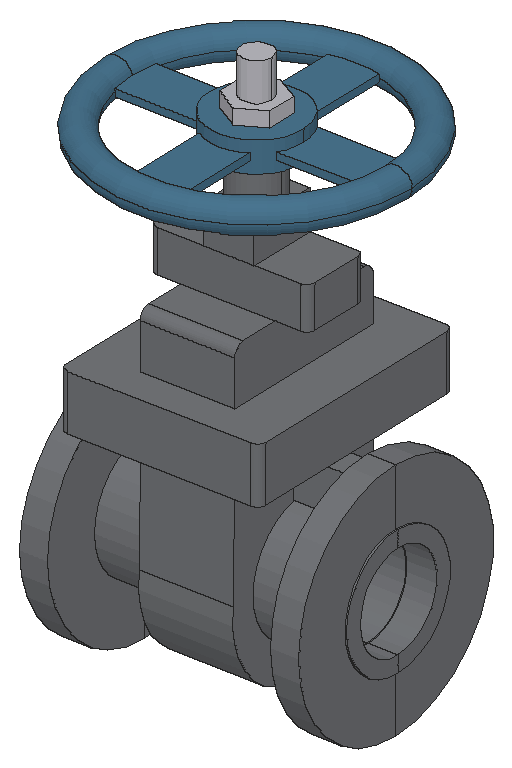
Revit family "651A Gate Valve", category Pipe Accessories, Revit 2018
Family settings
  Round Connector Dimension = Use Diameter
  Part Type = Valve - Breaks Into
  Work Plane-Based = No
  Always vertical = Yes
  Cut with Voids When Loaded = No
  Shared = No
Parameters (values of type "651A Gate Valve")
  pipe radius [instance] = Pipe Diameter / 2  # 1.1875"
  pad fillet [instance] = 0.205"  # constant formula
  fillet1 [instance] = 0.074"  # constant formula
  center of handle [instance] = H8 - HND1  # 9.25531"
  Weight [instance] = size_lookup(LookupTable, "Weight", "NA", Nominal Diameter)  # "44 lbs."
  WR3 [instance] = 0.250"  # constant formula
  WR1 [instance] = W3 / 2  # 2.125"
  WD2 [instance] = size_lookup(LookupTable, "WD2", 0.000", Nominal Diameter)  # 3.451"
  WD1 [instance] = size_lookup(LookupTable, "WD1", 0.000", Nominal Diameter)  # 6.340"
  W5 [instance] = size_lookup(LookupTable, "W5", 0.000", Nominal Diameter)  # 6.000"
  W4 [instance] = size_lookup(LookupTable, "W4", 0.000", Nominal Diameter)  # 1.71429"
  W3 [instance] = size_lookup(LookupTable, "W3", 0.000", Nominal Diameter)  # 4.250"
  W2 [instance] = size_lookup(LookupTable, "W2", 0.000", Nominal Diameter)  # 4.250"
  W1 [instance] = size_lookup(LookupTable, "W1", 0.000", Nominal Diameter)  # 0.690"
  URL = "http://www.fnw.com"
  Standards Lookup Table = "Standards"  # constant formula
  R3 [instance] = size_lookup(LookupTable, "R3", 0.000", Nominal Diameter)  # 2.625"
  R2 [instance] = size_lookup(LookupTable, "R2", 0.000", Nominal Diameter)  # 1.5875"
  R1 [instance] = size_lookup(LookupTable, "R1", 0.000", Nominal Diameter)  # 3.000"
  Product ID [instance] = size_lookup(LookupTable, "ProductID", "NA", Nominal Diameter)  # "4076258"
  Pipe Diameter [instance] = size_lookup(Standards Lookup Table, "pipe_dia", 0.000", Nominal Diameter)  # 2.375"
  Part Number [instance] = size_lookup(LookupTable, "PartNumber", "NA", Nominal Diameter)  # "FNW651AK"
  Nominal Diameter [instance] = 2"
  LookupTable = "651A Gate Valve"  # constant formula
  L3 [instance] = size_lookup(LookupTable, "L3", 0.000", Nominal Diameter)  # 1.58333"
  L2 [instance] = size_lookup(LookupTable, "L2", 0.000", Nominal Diameter)  # 0.060"
  L1 [instance] = size_lookup(LookupTable, "L1", 0.000", Nominal Diameter)  # 0.690"
  HND1 [instance] = if(Nominal Diameter < 4.000", 0.380", 0.500")  # 0.380"
  H9 [instance] = size_lookup(LookupTable, "H9", 0.000", Nominal Diameter)  # 10.0025"
  H8 [instance] = size_lookup(LookupTable, "H8", 0.000", Nominal Diameter)  # 9.63531"
  H7 [instance] = size_lookup(LookupTable, "H7", 0.000", Nominal Diameter)  # 8.88531"
  H6 [instance] = size_lookup(LookupTable, "H6", 0.000", Nominal Diameter)  # 7.76031"
  H5 [instance] = size_lookup(LookupTable, "H5", 0.000", Nominal Diameter)  # 6.795"
  H4 [instance] = size_lookup(LookupTable, "H4", 0.000", Nominal Diameter)  # 5.760"
  H3 [instance] = size_lookup(LookupTable, "H3", 0.000", Nominal Diameter)  # 4.380"
  H2 [instance] = size_lookup(LookupTable, "H2", 0.000", Nominal Diameter)  # 3.000"
  H11 [instance] = size_lookup(LookupTable, "H11", 0.000", Nominal Diameter)  # 2.500"
  H10 [instance] = size_lookup(LookupTable, "H10", 0.000", Nominal Diameter)  # 10.940"
  H1 [instance] = size_lookup(LookupTable, "H1", 0.000", Nominal Diameter)  # 2.625"
  Description BOM [instance] = size_lookup(LookupTable, "Description_BOM", "NA", Nominal Diameter)  # "2 Cast Iron 125# Flanged Outside Stem & Yoke GATE Valve"
  D7 [instance] = size_lookup(LookupTable, "D7", 0.000", Nominal Diameter)  # 7.090"
  D6 [instance] = size_lookup(LookupTable, "D6", 0.000", Nominal Diameter)  # 1.250"
  D5 [instance] = size_lookup(LookupTable, "D5", 0.000", Nominal Diameter)  # 1.250"
  D4 [instance] = size_lookup(LookupTable, "D4", 0.000", Nominal Diameter)  # 0.750"
  D3 [instance] = size_lookup(LookupTable, "D3", 0.000", Nominal Diameter)  # 3.944"
  D2 [instance] = size_lookup(LookupTable, "D2", 0.000", Nominal Diameter)  # 2.33333"
  D1 [instance] = size_lookup(LookupTable, "D1", 0.000", Nominal Diameter)  # 4.930"
  Angle [instance] = 120.00°  # constant formula
Reference planes (in)
  plane 1 "Center (Front/Back)": y = 0
  plane 2: z = 0
  plane 3 "Center (Left/Right)": x = 0
  plane 4: y = 0.375
  plane 5: y = -0.375
  plane 6: x = -3.43999
  plane 7: x = -2.74999
  plane 8: x = 3.44
  plane 9: x = 2.75
  plane 10: z = -2.5
  plane 11: z = 3
  plane 12: z = 1.1875
  plane 13: z = 2.625
  plane 14: x = -1.16666
  plane 15: x = 1.16667
  plane 16: z = 3
  plane 17: z = 4.38
  plane 18: z = 5.76
  plane 19: z = 6.795
  plane 20: z = 7.76031
  plane 21: z = 9.63531
  plane 22: x = 3.545
  plane 23: x = -3.545
  plane 24: x = 0.625
  plane 25: x = -0.625
  plane 26: x = -1.972
  plane 27: x = 1.972
  plane 28: x = 1.16667
  plane 29: x = -1.16666
  plane 30: x = 2.465
  plane 31: x = -2.465
  plane 32: x = 0.64
  plane 33: x = -0.64
  plane 34: x = -0.625
  plane 35: x = 0.625
  plane 36: z = 10.94
  plane 37: z = 10.0025
  plane 38: x = -0.375
  plane 39: x = 0.375
  plane 40 "center of handle": z = 9.25531
  plane 41: x = -3.49999
  plane 42: x = 3.5
  plane 43: z = 1.5875
  plane 44: z = 2.625
  plane 45: y = -0.345
  plane 46: y = 0.345
  plane 47: y = -2.125
  plane 48: y = 2.125
  plane 49: y = -2.125
  plane 50: y = 2.125
  plane 51: y = 3.17
  plane 52: y = -3.17
  plane 53: z = 8.88531
  plane 54: y = 0.625
  plane 55: y = -0.625
Forms (in)
  Revolve 1, solid, material "Steel, Black"
    sketch origin (0, 0, 0) x (1, 0, 0) y (0, 0, 1)
      loop
        line (-3.49999, 1.1875) -> (-2.74999, 1.1875) -> (-2.74999, 3) -> (-3.43999, 3) -> (-3.43999, 1.5875) -> (-3.49999, 1.5875) -> (-3.49999, 1.1875)
      axis (-2.74999, 0) -> (-3.49999, 0)
    angle from 0 to 360
  Revolve 2, solid, material "Steel, Black"
    sketch origin (0, 0, 0) x (-1, 0, 0) y (0, 0, 1)
      loop
        line (-3.49999, 1.1875) -> (-2.74999, 1.1875) -> (-2.74999, 3) -> (-3.43999, 3) -> (-3.43999, 1.5875) -> (-3.49999, 1.5875) -> (-3.49999, 1.1875)
      axis (-2.74999, 0) -> (-3.49999, 0)
    angle from 0 to 360
  Revolve 3, solid, material "Steel, Black"
    sketch origin (0, 0, 0) x (1, 0, 0) y (0, 0, 1)
      loop
        line (-2.74999, 1.5875) -> (-2.74999, 1.1875) -> (2.75, 1.1875) -> (2.75, 1.5875) -> (-2.74999, 1.5875)
      axis (-2.74999, 0) -> (2.75, 0)
    angle from 0 to 360
  Extrusion 4, solid, material "Steel, Black"
    sketch origin (0, 0, 0) x (1, 0, 0) y (0, 0, 1)
      loop
        line (-1.972, 3) -> (-1.972, 2.699)
        arc (-1.972, 2.699) -> (-1.99367, 2.64667) -> (-2.046, 2.625) r 0.074
        line (-2.046, 2.625) -> (-2.74999, 2.625) -> (-2.74999, 1.5875) -> (2.75, 1.5875) -> (2.75, 2.625) -> (2.046, 2.625)
        arc (2.046, 2.625) -> (1.99367, 2.64667) -> (1.972, 2.699) r 0.074
        line (1.972, 2.699) -> (1.972, 3) -> (-1.972, 3)
    from -0.345 to 0.345
  Extrusion 5, solid, material "Steel, Black"
    sketch origin (0, 0, 0) x (0, 1, 0) y (0, 0, 1)
      loop
        line (-2.125, 3) -> (-2.14653, -0.00852)
        arc (-2.14653, -0.00852) -> (-1.6804, -1.7419) -> (-0.05337, -2.5) r 2.125
        line (-0.05337, -2.5) -> (0.03608, -2.5)
        arc (0.03608, -2.5) -> (1.6631, -1.7419) -> (2.12924, -0.00852) r 2.125
        line (2.12924, -0.00852) -> (2.125, 3) -> (-2.125, 3)
      loop
        line (2.125, 4.38) -> (2.125, 5.51)
        arc (2.125, 5.51) -> (2.05178, 5.68678) -> (1.875, 5.76) r 0.25
        line (1.875, 5.76) -> (-1.875, 5.76)
        arc (-1.875, 5.76) -> (-2.05178, 5.68678) -> (-2.125, 5.51) r 0.25
        line (-2.125, 5.51) -> (-2.125, 4.38) -> (2.125, 4.38)
    from -1.16667 to 1.16667
  Extrusion 6, solid, material "Steel, Black"
    sketch origin (0, 0.17, 0) x (1, 0, 0) y (0, 1, 0)
      loop
        arc (-2.26, 2.83) -> (-2.40496, 2.76996) -> (-2.465, 2.625) r 0.205
        line (-2.465, 2.625) -> (-2.465, -2.965)
        arc (-2.465, -2.965) -> (-2.40496, -3.10996) -> (-2.26, -3.17) r 0.205
        line (-2.26, -3.17) -> (2.26, -3.17)
        arc (2.26, -3.17) -> (2.40496, -3.10996) -> (2.465, -2.965) r 0.205
        line (2.465, -2.965) -> (2.465, 2.625)
        arc (2.465, 2.625) -> (2.40496, 2.76996) -> (2.26, 2.83) r 0.205
        line (2.26, 2.83) -> (-2.26, 2.83)
    from 3 to 4.38
  Extrusion 7, solid, material "Steel, Black"
    sketch origin (0, 0, 0) x (1, 0, 0) y (0, 1, 0)
      loop
        arc (-1.767, 0.85714) -> (-1.91196, 0.7971) -> (-1.972, 0.65214) r 0.205
        line (-1.972, 0.65214) -> (-1.972, -0.65215)
        arc (-1.972, -0.65215) -> (-1.91196, -0.7971) -> (-1.767, -0.85715) r 0.205
        line (-1.767, -0.85715) -> (1.767, -0.85715)
        arc (1.767, -0.85715) -> (1.91196, -0.7971) -> (1.972, -0.65215) r 0.205
        line (1.972, -0.65215) -> (1.972, 0.65214)
        arc (1.972, 0.65214) -> (1.91196, 0.7971) -> (1.767, 0.85714) r 0.205
        line (1.767, 0.85714) -> (-1.767, 0.85714)
    from 5.76 to 6.795
  Extrusion 8, solid, material "Steel, Black"
    sketch origin (0, 0, 0) x (0, 1, 0) y (0, 0, 1)
      loop
        line (-0.85715, 7.76031) -> (-0.85715, 6.795) -> (0.85714, 6.795) -> (0.85714, 7.76031) -> (-0.85715, 7.76031)
    from -0.625 to 0.625
  Extrusion 9, solid, material "Steel, Black"
    sketch origin (0, 0, 0) x (1, 0, 0) y (0, 1, 0)
      loop
        circle (0, 0) r 0.625
    from 7.76031 to 8.88531
  Sweep 10, solid, material "Lever Handle Blue"
    path in 3D
      loop
        arc (3.545, 0, 9.25531) -> (0, 3.545, 9.25531) -> (-3.545, 0, 9.25531) r 3.545
        arc (-3.545, 0, 9.25531) -> (0, -3.545, 9.25531) -> (3.545, 0, 9.25531) r 3.545
    profile origin (0, -3.545, 9.25531) x (0, 1, 0) y (0, 0, 1)
      loop
        circle (0.08977, 0) r 0.38
  Extrusion 11, solid, material "Lever Handle Blue"
    sketch origin (0, 0, 9.25531) x (-1, 0, 0) y (0, -1, 0)
      loop
        circle (0, 0) r 1.16667
    from -0.37 to 0.38
  Extrusion 12, solid, material "Steel, Stainless"
    sketch origin (0, 0, 9.25531) x (-1, 0, 0) y (0, -1, 0)
      loop
        circle (0, 0) r 0.375
    from 0.74719 to 1.68469
  Extrusion 13, solid, material "Steel, Stainless"
    sketch origin (0, 0, 9.25531) x (-1, 0, 0) y (0, -1, 0)
      loop
        line (-0.625, -0.36084) -> (0, -0.72169) -> (0.625, -0.36084) -> (0.625, 0.36084) -> (0, 0.72169) -> (-0.625, 0.36084) -> (-0.625, -0.36084)
    from 0.38 to 0.74719
  Extrusion 14, solid, material "Lever Handle Blue"
    sketch origin (0, 0, 9.25531) x (-1, 0, 0) y (0, -1, 0)
      loop
        line (0.625, -3.17) -> (0.625, -0.625) -> (3.17, -0.625) -> (3.17, 0.625) -> (0.625, 0.625) -> (0.625, 3.17) -> (-0.625, 3.17) -> (-0.625, 0.625) -> (-3.17, 0.625) -> (-3.17, -0.625) -> (-0.625, -0.625) -> (-0.625, -3.17) -> (0.625, -3.17)
    from -0.08904 to 0.08904
Cuts and joins
  joined: Extrusion 11, Extrusion 14
Lines and regions (in)
  model lines
    curve 1: circle (0, 0, 9.25531) r 3.545 normal (0, 0, 1)
  sketch lines
    curve 2: circle (0, 0, 9.25531) r 3.545 normal (0, 0, 1)
Dimensions and locks (in)
  "L1": plane 7 to plane 6
  equal spacing: plane 15, plane 3 "Center (Left/Right)", plane 14
  "D2": plane 15 to plane 14
  "L3": plane 14 to plane 7
  "L3": plane 15 to plane 9
  "L1": plane 9 to plane 8
  "center of handle": plane 40 "center of handle" to plane 2
  "H8": plane 21 to plane 2
  "H6": plane 20 to plane 2
  "H5": plane 19 to plane 2
  "H4": plane 18 to plane 2
  "H3": plane 17 to plane 2
  "H2": plane 16 to plane 2
  "R1": plane 11 to plane 2
  "R3": plane 13 to plane 2
  "H9": plane 37 to plane 2
  "H10": plane 36 to plane 2
  equal spacing: plane 22, plane 3 "Center (Left/Right)", plane 23
  "D7": plane 22 to plane 23
  equal spacing: plane 24, plane 3 "Center (Left/Right)", plane 25
  "D6": plane 24 to plane 25
  equal spacing: plane 38, plane 3 "Center (Left/Right)", plane 39
  "D4": plane 38 to plane 39
  equal spacing: plane 34, plane 3 "Center (Left/Right)", plane 35
  "D5": plane 34 to plane 35
  equal spacing: plane 26, plane 3 "Center (Left/Right)", plane 27
  "D3": plane 26 to plane 27
  equal spacing: plane 28, plane 3 "Center (Left/Right)", plane 29
  "D2": plane 28 to plane 29
  equal spacing: plane 30, plane 3 "Center (Left/Right)", plane 31
  "D1": plane 30 to plane 31
  "L2": plane 8 to plane 42
  "L2": plane 6 to plane 41
  "pipe radius": plane 12 to plane 2
  "R2": plane 43 to plane 2
  "H1": plane 13 to plane 2
  "R3": plane 44 to plane 2
  equal spacing: plane 45, plane 1 "Center (Front/Back)", plane 46
  "W1": plane 45 to plane 46
  "H11": plane 2 to plane 10
  equal spacing: plane 47, plane 1 "Center (Front/Back)", plane 48
  "W2": plane 47 to plane 48
  equal spacing: plane 49, plane 1 "Center (Front/Back)", plane 50
  "W3": plane 49 to plane 50
  equal spacing: plane 51, plane 1 "Center (Front/Back)", plane 52
  equal spacing: Extrusion 4, plane 3 "Center (Left/Right)", Extrusion 4
  Extrusion 4 to Extrusion 4 = 3.944"
  equal spacing: Extrusion 7 sketch curve, plane 1 "Center (Front/Back)", Extrusion 7 sketch curve
  "W4": Extrusion 7 sketch curve to Extrusion 7 sketch curve
  "H7": plane 53 to plane 2
  equal spacing: Extrusion 13 sketch curve, plane 3 "Center (Left/Right)", Extrusion 13 sketch curve  (x3)
  "D5": Extrusion 13 sketch curve to Extrusion 13 sketch curve  (x3)
  equal spacing: Extrusion 14 sketch curve, plane 3 "Center (Left/Right)", Extrusion 14 sketch curve  (x2)
  "D5": Extrusion 14 sketch curve to Extrusion 14 sketch curve
  "WD1": Extrusion 14 sketch curve to Extrusion 14 sketch curve
  "WD1": plane 51 to plane 52
  equal spacing: plane 54, plane 1 "Center (Front/Back)", plane 55
  "D5": plane 54 to plane 55
  equal spacing: cut or joined group of Extrusion 11, Extrusion 14, plane 40 "center of handle", cut or joined group of Extrusion 11, Extrusion 14
  equal spacing: Extrusion 6 sketch curve, plane 1 "Center (Front/Back)", Extrusion 6 sketch curve
  "W5": Extrusion 6 sketch curve to Extrusion 6 sketch curve
  equal spacing: Extrusion 8 sketch curve, plane 1 "Center (Front/Back)", Extrusion 8 sketch curve
  "W4": Extrusion 8 sketch curve to Extrusion 8 sketch curve
  equal spacing: Extrusion 4 sketch curve, plane 3 "Center (Left/Right)", Extrusion 4 sketch curve
  "D3": Extrusion 4 sketch curve to Extrusion 4 sketch curve
  "fillet1": radius of Extrusion 4 sketch curve  (x2)
  "WR1": radius of Extrusion 5 sketch curve  (x2)
  "pad fillet": radius of Extrusion 6 sketch curve  (x4)
  "WR3": radius of Extrusion 5 sketch curve  (x2)
  "pad fillet": radius of Extrusion 7 sketch curve  (x4)
  "D6": diameter of Extrusion 9 sketch curve
  "D7": diameter of curve 1
  "HND1": radius of Sweep 10 sketch curve
  "D2": diameter of Extrusion 11 sketch curve
  "D4": diameter of Extrusion 12 sketch curve
  "Angle": angle Extrusion 13 sketch curve to Extrusion 13 sketch curve  (x5)
  aligned and locked: plane 2 to level
  aligned and locked: plane 2 to Revolve 1 sketch curve
  aligned and locked: Revolve 1 sketch curve to plane 43
  aligned and locked: plane 41 to Revolve 1 sketch curve
  aligned and locked: Revolve 1 sketch curve to plane 12
  aligned and locked: Revolve 1 sketch curve to plane 7
  aligned and locked: plane 11 to Revolve 1 sketch curve
  aligned and locked: plane 12 to Revolve 2 sketch curve
  aligned and locked: Revolve 2 sketch curve to plane 9
  aligned and locked: plane 8 to Revolve 2 sketch curve
  aligned and locked: Revolve 2 sketch curve to plane 42
  aligned and locked: Revolve 2 sketch curve to plane 43
  aligned and locked: Revolve 2 sketch curve to plane 11
  aligned and locked: Revolve 3 sketch curve to plane 2
  aligned and locked: Revolve 3 sketch curve to plane 43
  aligned and locked: Revolve 3 sketch curve to plane 12
  aligned and locked: plane 7 to Revolve 3 sketch curve
  aligned and locked: Revolve 3 sketch curve to plane 9
  aligned and locked: plane 13 to Extrusion 4 sketch curve
  aligned and locked: Extrusion 4 sketch curve to plane 13
  aligned and locked: Extrusion 4 sketch curve to plane 16
  aligned and locked: Extrusion 4 to plane 46
  aligned and locked: Extrusion 4 to plane 45
  aligned and locked: plane 10 to Extrusion 5 sketch curve
  aligned and locked: plane 16 to Extrusion 5 sketch curve  (x2)
  aligned and locked: Extrusion 5 to plane 28
  aligned and locked: Extrusion 5 to plane 29
  aligned and locked: Extrusion 6 to plane 16
  aligned and locked: plane 17 to Extrusion 6
  aligned and locked: plane 30 to Extrusion 6
  aligned and locked: Extrusion 6 to plane 31
  aligned and locked: plane 49 to Extrusion 5 sketch curve
  aligned and locked: Extrusion 5 sketch curve to plane 50
  aligned and locked: plane 18 to Extrusion 5
  aligned and locked: Extrusion 7 to plane 18
  aligned and locked: plane 19 to Extrusion 7
  aligned and locked: plane 27 to Extrusion 7
  aligned and locked: Extrusion 7 to plane 26
  aligned and locked: plane 19 to Extrusion 8 sketch curve
  aligned and locked: Extrusion 8 sketch curve to plane 20
  aligned and locked: Extrusion 8 to plane 25
  aligned and locked: plane 24 to Extrusion 8
  aligned and locked: Extrusion 9 to plane 20
  aligned and locked: plane 21 to Extrusion 11
  aligned and locked: Extrusion 11 to plane 53
  aligned and locked: Extrusion 9 to plane 53
  aligned and locked: Extrusion 12 to plane 37
  aligned and locked: plane 36 to Extrusion 12
  aligned and locked: Extrusion 13 to plane 21
  aligned and locked: plane 37 to Extrusion 13
  aligned and locked: plane 52 to Extrusion 14 sketch curve
  aligned and locked: plane 51 to Extrusion 14 sketch curve
  aligned and locked: plane 53 to Extrusion 11
  aligned and locked: cut or joined group of Extrusion 11, Extrusion 14 to plane 54
  aligned and locked: cut or joined group of Extrusion 11, Extrusion 14 to plane 55  (x2)
  aligned and locked: plane 54 to cut or joined group of Extrusion 11, Extrusion 14
Automatic sketch dimensions
  Revolve 1 sketch curve to plane 6 = 0.000"
  Revolve 1 sketch curve to plane 23 = 0.99634"
  plane 6 to Revolve 1 sketch curve = 0.06481"
  Revolve 2 sketch curve to level = 0.000"
  plane 22 to Revolve 2 sketch curve = 0.99634"
  Revolve 2 sketch curve to plane 8 = 0.06481"
  Revolve 3 sketch curve to plane 38 = 0.01059"
  Revolve 3 sketch curve to plane 22 = 0.50503"
  Extrusion 4 sketch curve to plane 7 = 0.000"
  Extrusion 4 sketch curve to plane 9 = 0.000"
  Extrusion 4 sketch curve to plane 43 = 0.000"
  Extrusion 5 sketch curve to plane 47 = 0.000"
  Extrusion 5 sketch curve to plane 48 = 0.000"
  Extrusion 5 sketch curve to plane 17 = 0.000"
  Extrusion 5 sketch curve to plane 18 = 0.000"
  Extrusion 5 sketch curve to level = 0.00852"
  Extrusion 5 sketch curve to plane 47 = 0.02153"
  Extrusion 5 sketch curve to plane 1 "Center (Front/Back)" = 0.03608"
  Extrusion 5 sketch curve to plane 48 = 0.00424"
  Extrusion 6 sketch curve to plane 31 = 0.000"
  Extrusion 6 sketch curve to plane 30 = 0.000"
  Extrusion 7 sketch curve to plane 26 = 0.000"
  Extrusion 7 sketch curve to plane 27 = 0.000"
  plane 1 "Center (Front/Back)" to Extrusion 9 sketch curve = 0.000"
  Extrusion 9 sketch curve to plane 3 "Center (Left/Right)" = 0.000"
  plane 1 "Center (Front/Back)" to curve 1 = 0.000"
  curve 1 to plane 3 "Center (Left/Right)" = 0.000"
  Sweep 10 sketch curve to profile plane = 0.000"
  Sweep 10 sketch curve to profile plane = 0.08977"
  plane 1 "Center (Front/Back)" to Extrusion 11 sketch curve = 0.000"
  Extrusion 11 sketch curve to plane 3 "Center (Left/Right)" = 0.000"
  plane 1 "Center (Front/Back)" to Extrusion 12 sketch curve = 0.000"
  Extrusion 12 sketch curve to plane 3 "Center (Left/Right)" = 0.000"
  Extrusion 14 sketch curve to plane 24 = 0.000"  (x2)
  Extrusion 14 sketch curve to plane 25 = 0.000"
  plane 54 to Extrusion 14 sketch curve = 0.000"
  Extrusion 14 sketch curve to plane 54 = 0.000"
  Extrusion 14 sketch curve to plane 55 = 0.000"  (x2)
Connectors (in)
  piping at (-3.43999, 0, 0), diameter 2, driven by "Nominal Diameter"
    settings: on Revolve 1, index 1, connector inside diameter 24", connector length 0.000", flow factor 0, pipe flow 0 GPM, pressure drop 0.00 psi, fitting loss kfactor 0, connector angle 0.00°, fixture units 0, engagement length 0.000", angle of deflection 0.00°, flow configuration 0, flow direction 0, fitting loss method 0, system type 29, joint type 0, gender type 0, connector reference index -1, connector utility 0, adjustable connector no, is connector primary yes, connector description ""
  piping at (3.44, 0, 0), diameter 2, driven by "Nominal Diameter"
    settings: on Revolve 2, index 2, connector inside diameter 24", connector length 0.000", flow factor 0, pipe flow 0 GPM, pressure drop 0.00 psi, fitting loss kfactor 0, connector angle 0.00°, fixture units 0, engagement length 0.000", angle of deflection 0.00°, flow configuration 0, flow direction 0, fitting loss method 0, system type 29, joint type 0, gender type 0, connector reference index -1, connector utility 0, adjustable connector no, is connector primary no, connector description ""
